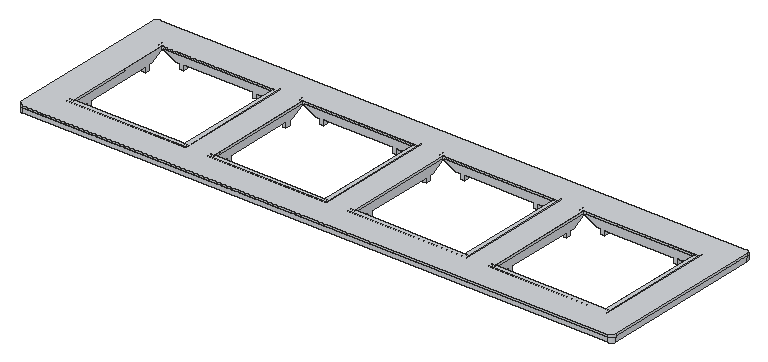
Revit family "Gira_0214235", category Electrical Fixtures, host Face, Revit 2017
Family settings
  Host = Face
  Maintain Annotation Orientation = No
  Round Connector Dimension = Use Diameter
  Part Type = Normal
  Cut with Voids When Loaded = No
  Shared = No
  Room Calculation Point = No
Parameters (values of type "Abdeckrahmen 4f flach Gira E2 Anthrazit")
  Werkstoffgüte = "Thermoplast"
  Werkstoff = "Kunststoff"
  URL = "http://katalog.gira.de/de_DE/datenblatt.html?artikelnr=0214235"
  Transparent = "No"
  Textfeld/Beschriftungsfläche = "No"
  Schutzart (IP) = "IP20"
  Region = "DE"
  Oberfläche = "sonstige"
  Name = "Abdeckrahmen 4f flach Gira E2 Anthrazit"
  Montagerichtung = "horizontal und vertikal"
  Mit Montagerahmen = "No"
  Mit Klappdeckel = "No"
  Manufacturer URL = "https://www.gira.de/"
  Keynote = "E2flach_Rahmen_4fach"
  HeinzeBIM = "https://bimportal.heinze.de/bim/abdeckrahmen-4f-flach-gira-e2-anthrazit/c823c9535e9be90bf92d48955c7852f098e1dccb"
  Halogenfrei = "Yes"
  HAN = "0214235"
  Geeignet für Unterputz-Installation = "Yes"
  Geeignet für Unterflurkanaldose = "No"
  Geeignet für Geräteeinbaukanal = "No"
  Geeignet für Einbauinstallation = "No"
  GTIN = "4010337021308"
  Farbe = "anthrazit"
  Default Elevation = 1219.2 mm
  Data sheet (1) = "https://katalog.gira.de/de_DE/download.html?artikelnr=0214235"
  Category = "Abdeckrahmen"
  Befestigungsart = "Klemmbefestigung"
  Available = "Yes"
  Anzahl der Einheiten vertikal = "4 "
  Anzahl der Einheiten horizontal = "4 "
  Anzahl der Einheiten = "4 "
Reference planes
  plane 1 "Center (Front/Back)": y = 0
  plane 2: z = 0
  plane 3 "Center (Left/Right)": x = 0
Forms (mm)
  Extrusion 1, solid, detail levels fine
    sketch origin (0, 0, 0) x (1, 0, 0) y (0, 1, 0)
      loop
        arc (-148.2, 43.9) -> (-149.968, 43.168) -> (-150.7, 41.4) r 2.5
        line (-150.7, 41.4) -> (-150.7, -41.4)
        arc (-150.7, -41.4) -> (-149.968, -43.168) -> (-148.2, -43.9) r 2.5
        line (-148.2, -43.9) -> (148.2, -43.9)
        arc (148.2, -43.9) -> (149.968, -43.168) -> (150.7, -41.4) r 2.5
        line (150.7, -41.4) -> (150.7, 41.4)
        arc (150.7, 41.4) -> (149.968, 43.168) -> (148.2, 43.9) r 2.5
        line (148.2, 43.9) -> (-148.2, 43.9)
      loop
        spline (-134.944, -27.245) -> (-134.936, -27.363) -> (-134.913, -27.478) -> (-134.875, -27.589) -> (-134.823, -27.695) -> (-134.758, -27.792) -> (-134.681, -27.881) -> (-134.592, -27.958) -> (-134.495, -28.023) -> (-134.389, -28.075) -> (-134.278, -28.113) -> (-134.163, -28.136) -> (-134.045, -28.144)
        line (-134.045, -28.144) -> (-79.555, -28.144)
        spline (-79.555, -28.144) -> (-79.437, -28.136) -> (-79.322, -28.113) -> (-79.211, -28.075) -> (-79.105, -28.023) -> (-79.008, -27.958) -> (-78.919, -27.881) -> (-78.842, -27.792) -> (-78.777, -27.695) -> (-78.725, -27.589) -> (-78.687, -27.478) -> (-78.664, -27.363) -> (-78.656, -27.245)
        line (-78.656, -27.245) -> (-78.656, 27.245)
        spline (-78.656, 27.245) -> (-78.664, 27.363) -> (-78.687, 27.478) -> (-78.725, 27.589) -> (-78.777, 27.695) -> (-78.842, 27.792) -> (-78.919, 27.881) -> (-79.008, 27.958) -> (-79.105, 28.023) -> (-79.211, 28.075) -> (-79.322, 28.113) -> (-79.437, 28.136) -> (-79.555, 28.144)
        line (-79.555, 28.144) -> (-134.045, 28.144)
        spline (-134.045, 28.144) -> (-134.163, 28.136) -> (-134.278, 28.113) -> (-134.389, 28.075) -> (-134.495, 28.023) -> (-134.592, 27.958) -> (-134.681, 27.881) -> (-134.758, 27.792) -> (-134.823, 27.695) -> (-134.875, 27.589) -> (-134.913, 27.478) -> (-134.936, 27.363) -> (-134.944, 27.245)
        line (-134.944, 27.245) -> (-134.944, -27.245)
      loop
        spline (134.045, -28.144) -> (134.163, -28.136) -> (134.278, -28.113) -> (134.389, -28.075) -> (134.495, -28.023) -> (134.592, -27.958) -> (134.681, -27.881) -> (134.758, -27.792) -> (134.823, -27.695) -> (134.875, -27.589) -> (134.913, -27.478) -> (134.936, -27.363) -> (134.944, -27.245)
        line (134.944, -27.245) -> (134.944, 27.245)
        spline (134.944, 27.245) -> (134.936, 27.363) -> (134.913, 27.478) -> (134.875, 27.589) -> (134.823, 27.695) -> (134.758, 27.792) -> (134.681, 27.881) -> (134.592, 27.958) -> (134.495, 28.023) -> (134.389, 28.075) -> (134.278, 28.113) -> (134.163, 28.136) -> (134.045, 28.144)
        line (134.045, 28.144) -> (79.555, 28.144)
        spline (79.555, 28.144) -> (79.437, 28.136) -> (79.322, 28.113) -> (79.211, 28.075) -> (79.105, 28.023) -> (79.008, 27.958) -> (78.919, 27.881) -> (78.842, 27.792) -> (78.777, 27.695) -> (78.725, 27.589) -> (78.687, 27.478) -> (78.664, 27.363) -> (78.656, 27.245)
        line (78.656, 27.245) -> (78.656, -27.245)
        spline (78.656, -27.245) -> (78.664, -27.363) -> (78.687, -27.478) -> (78.725, -27.589) -> (78.777, -27.695) -> (78.842, -27.792) -> (78.919, -27.881) -> (79.008, -27.958) -> (79.105, -28.023) -> (79.211, -28.075) -> (79.322, -28.113) -> (79.437, -28.136) -> (79.555, -28.144)
        line (79.555, -28.144) -> (134.045, -28.144)
      loop
        spline (-63.744, -27.245) -> (-63.736, -27.363) -> (-63.713, -27.478) -> (-63.675, -27.589) -> (-63.623, -27.695) -> (-63.558, -27.792) -> (-63.481, -27.881) -> (-63.392, -27.958) -> (-63.295, -28.023) -> (-63.189, -28.075) -> (-63.078, -28.113) -> (-62.963, -28.136) -> (-62.845, -28.144)
        line (-62.845, -28.144) -> (-8.355, -28.144)
        spline (-8.355, -28.144) -> (-8.237, -28.136) -> (-8.122, -28.113) -> (-8.011, -28.075) -> (-7.905, -28.023) -> (-7.808, -27.958) -> (-7.719, -27.881) -> (-7.642, -27.792) -> (-7.577, -27.695) -> (-7.525, -27.589) -> (-7.487, -27.478) -> (-7.464, -27.363) -> (-7.456, -27.245)
        line (-7.456, -27.245) -> (-7.456, 27.245)
        spline (-7.456, 27.245) -> (-7.464, 27.363) -> (-7.487, 27.478) -> (-7.525, 27.589) -> (-7.577, 27.695) -> (-7.642, 27.792) -> (-7.719, 27.881) -> (-7.808, 27.958) -> (-7.905, 28.023) -> (-8.011, 28.075) -> (-8.122, 28.113) -> (-8.237, 28.136) -> (-8.355, 28.144)
        line (-8.355, 28.144) -> (-62.845, 28.144)
        spline (-62.845, 28.144) -> (-62.963, 28.136) -> (-63.078, 28.113) -> (-63.189, 28.075) -> (-63.295, 28.023) -> (-63.392, 27.958) -> (-63.481, 27.881) -> (-63.558, 27.792) -> (-63.623, 27.695) -> (-63.675, 27.589) -> (-63.713, 27.478) -> (-63.736, 27.363) -> (-63.744, 27.245)
        line (-63.744, 27.245) -> (-63.744, -27.245)
      loop
        spline (7.456, -27.245) -> (7.464, -27.363) -> (7.487, -27.478) -> (7.525, -27.589) -> (7.577, -27.695) -> (7.642, -27.792) -> (7.719, -27.881) -> (7.808, -27.958) -> (7.905, -28.023) -> (8.011, -28.075) -> (8.122, -28.113) -> (8.237, -28.136) -> (8.355, -28.144)
        line (8.355, -28.144) -> (62.845, -28.144)
        spline (62.845, -28.144) -> (62.963, -28.136) -> (63.078, -28.113) -> (63.189, -28.075) -> (63.295, -28.023) -> (63.392, -27.958) -> (63.481, -27.881) -> (63.558, -27.792) -> (63.623, -27.695) -> (63.675, -27.589) -> (63.713, -27.478) -> (63.736, -27.363) -> (63.744, -27.245)
        line (63.744, -27.245) -> (63.744, 27.245)
        spline (63.744, 27.245) -> (63.736, 27.363) -> (63.713, 27.478) -> (63.675, 27.589) -> (63.623, 27.695) -> (63.558, 27.792) -> (63.481, 27.881) -> (63.392, 27.958) -> (63.295, 28.023) -> (63.189, 28.075) -> (63.078, 28.113) -> (62.963, 28.136) -> (62.845, 28.144)
        line (62.845, 28.144) -> (8.355, 28.144)
        spline (8.355, 28.144) -> (8.237, 28.136) -> (8.122, 28.113) -> (8.011, 28.075) -> (7.905, 28.023) -> (7.808, 27.958) -> (7.719, 27.881) -> (7.642, 27.792) -> (7.577, 27.695) -> (7.525, 27.589) -> (7.487, 27.478) -> (7.464, 27.363) -> (7.456, 27.245)
        line (7.456, 27.245) -> (7.456, -27.245)
    from 2.5 to 3.4
  Extrusion 2, solid, detail levels fine
    sketch origin (0, 0, 0) x (1, 0, 0) y (0, 1, 0)
      loop
        arc (-148.2, 43.9) -> (-149.968, 43.168) -> (-150.7, 41.4) r 2.5
        line (-150.7, 41.4) -> (-150.7, -41.4)
        arc (-150.7, -41.4) -> (-149.968, -43.168) -> (-148.2, -43.9) r 2.5
        line (-148.2, -43.9) -> (148.2, -43.9)
        arc (148.2, -43.9) -> (149.968, -43.168) -> (150.7, -41.4) r 2.5
        line (150.7, -41.4) -> (150.7, 41.4)
        arc (150.7, 41.4) -> (149.968, 43.168) -> (148.2, 43.9) r 2.5
        line (148.2, 43.9) -> (-148.2, 43.9)
      loop
        arc (-148.2, 43.4) -> (-149.614, 42.814) -> (-150.2, 41.4) r 2
        line (-150.2, 41.4) -> (-150.2, -41.4)
        arc (-150.2, -41.4) -> (-149.614, -42.814) -> (-148.2, -43.4) r 2
        line (-148.2, -43.4) -> (148.2, -43.4)
        arc (148.2, -43.4) -> (149.614, -42.814) -> (150.2, -41.4) r 2
        line (150.2, -41.4) -> (150.2, 41.4)
        arc (150.2, 41.4) -> (149.614, 42.814) -> (148.2, 43.4) r 2
        line (148.2, 43.4) -> (-148.2, 43.4)
    from 0 to 2.5
  Extrusion 3, solid, detail levels fine
    sketch origin (-106.8, 0, 0) x (1, 0, 0) y (0, 0, 1)
      loop
        line (-17.5, -4.06) -> (-17.5, -1.56) -> (17.5, -1.56) -> (17.5, -4.06) -> (19.5, -4.06) -> (19.5, -1.56) -> (21.654, -1.56) -> (27.214, 1.65) -> (30, 1.65) -> (30, 3.4) -> (-30, 3.4) -> (-30, 1.65) -> (-27.214, 1.65) -> (-21.654, -1.56) -> (-19.5, -1.56) -> (-19.5, -4.06) -> (-17.5, -4.06)
    from 28.144 to 30
  Extrusion 4, solid, detail levels fine
    sketch origin (-106.8, 0, 0) x (0, -1, 0) y (0, 0, -1)
      loop
        line (-17.5, 4.06) -> (-19.5, 4.06) -> (-19.5, 1.56) -> (-21.654, 1.56) -> (-27.214, -1.65) -> (-28.144, -1.65) -> (-28.144, -3.4) -> (28.144, -3.4) -> (28.144, -1.65) -> (27.214, -1.65) -> (21.654, 1.56) -> (19.5, 1.56) -> (19.5, 4.06) -> (17.5, 4.06) -> (17.5, 1.56) -> (-17.5, 1.56) -> (-17.5, 4.06)
    from 28.144 to 30
  Extrusion 5, solid, detail levels medium
    sketch origin (-106.8, 0, 0) x (0, -1, 0) y (0, 0, 1)
      loop
        line (-17.5, -4.06) -> (-17.5, -1.56) -> (17.5, -1.56) -> (17.5, -4.06) -> (19.5, -4.06) -> (19.5, -1.56) -> (28.144, -1.56) -> (28.144, 3.4) -> (-28.144, 3.4) -> (-28.144, -1.56) -> (-19.5, -1.56) -> (-19.5, -4.06) -> (-17.5, -4.06)
    from 28.144 to 30
  Extrusion 6, solid, detail levels fine
    sketch origin (-106.8, 0, 0) x (1, 0, 0) y (0, 0, -1)
      loop
        line (-17.5, 4.06) -> (-19.5, 4.06) -> (-19.5, 1.56) -> (-21.654, 1.56) -> (-27.214, -1.65) -> (-30, -1.65) -> (-30, -3.4) -> (30, -3.4) -> (30, -1.65) -> (27.214, -1.65) -> (21.654, 1.56) -> (19.5, 1.56) -> (19.5, 4.06) -> (17.5, 4.06) -> (17.5, 1.56) -> (-17.5, 1.56) -> (-17.5, 4.06)
    from 28.144 to 30
  Extrusion 7, solid, detail levels coarse
    sketch origin (0, 0, 0) x (1, 0, 0) y (0, 1, 0)
      loop
        line (-150.7, 43.9) -> (-150.7, -43.9) -> (150.7, -43.9) -> (150.7, 43.9) -> (-150.7, 43.9)
    from -4.06 to 3.4
  Extrusion 8, solid, detail levels medium
    sketch origin (0, 0, 0) x (1, 0, 0) y (0, 1, 0)
      loop
        line (-150.7, 43.9) -> (-150.7, -43.9) -> (150.7, -43.9) -> (150.7, 43.9) -> (-150.7, 43.9)
    from 0 to 3.4
  Extrusion 9, solid, detail levels medium
    sketch origin (-106.8, 0, 0) x (1, 0, 0) y (0, 0, 1)
      loop
        line (-17.5, -4.06) -> (-17.5, -1.56) -> (17.5, -1.56) -> (17.5, -4.06) -> (19.5, -4.06) -> (19.5, -1.56) -> (30, -1.56) -> (30, 3.4) -> (-30, 3.4) -> (-30, -1.56) -> (-19.5, -1.56) -> (-19.5, -4.06) -> (-17.5, -4.06)
    from 28.144 to 30
  Extrusion 10, solid, detail levels medium
    sketch origin (-106.8, 0, 0) x (1, 0, 0) y (0, 0, -1)
      loop
        line (-17.5, 4.06) -> (-19.5, 4.06) -> (-19.5, 1.56) -> (-30, 1.56) -> (-30, -3.4) -> (30, -3.4) -> (30, 1.56) -> (19.5, 1.56) -> (19.5, 4.06) -> (17.5, 4.06) -> (17.5, 1.56) -> (-17.5, 1.56) -> (-17.5, 4.06)
    from 28.144 to 30
  Extrusion 11, solid, detail levels medium
    sketch origin (-106.8, 0, 0) x (0, -1, 0) y (0, 0, -1)
      loop
        line (-17.5, 4.06) -> (-19.5, 4.06) -> (-19.5, 1.56) -> (-28.144, 1.56) -> (-28.144, -3.4) -> (28.144, -3.4) -> (28.144, 1.56) -> (19.5, 1.56) -> (19.5, 4.06) -> (17.5, 4.06) -> (17.5, 1.56) -> (-17.5, 1.56) -> (-17.5, 4.06)
    from 28.144 to 30
  Extrusion 12, solid, detail levels fine
    sketch origin (35.6, 0, 0) x (-1, 0, 0) y (0, 0, -1)
      loop
        line (-17.5, 4.06) -> (-19.5, 4.06) -> (-19.5, 1.56) -> (-21.654, 1.56) -> (-27.214, -1.65) -> (-30, -1.65) -> (-30, -3.4) -> (30, -3.4) -> (30, -1.65) -> (27.214, -1.65) -> (21.654, 1.56) -> (19.5, 1.56) -> (19.5, 4.06) -> (17.5, 4.06) -> (17.5, 1.56) -> (-17.5, 1.56) -> (-17.5, 4.06)
    from 28.144 to 30
  Extrusion 13, solid, detail levels fine
    sketch origin (35.6, 0, 0) x (0, -1, 0) y (0, 0, 1)
      loop
        line (-17.5, -4.06) -> (-17.5, -1.56) -> (17.5, -1.56) -> (17.5, -4.06) -> (19.5, -4.06) -> (19.5, -1.56) -> (21.654, -1.56) -> (27.214, 1.65) -> (28.144, 1.65) -> (28.144, 3.4) -> (-28.144, 3.4) -> (-28.144, 1.65) -> (-27.214, 1.65) -> (-21.654, -1.56) -> (-19.5, -1.56) -> (-19.5, -4.06) -> (-17.5, -4.06)
    from 28.144 to 30
  Extrusion 14, solid, detail levels medium
    sketch origin (35.6, 0, 0) x (0, -1, 0) y (0, 0, -1)
      loop
        line (-17.5, 4.06) -> (-19.5, 4.06) -> (-19.5, 1.56) -> (-28.144, 1.56) -> (-28.144, -3.4) -> (28.144, -3.4) -> (28.144, 1.56) -> (19.5, 1.56) -> (19.5, 4.06) -> (17.5, 4.06) -> (17.5, 1.56) -> (-17.5, 1.56) -> (-17.5, 4.06)
    from 28.144 to 30
  Extrusion 15, solid, detail levels fine
    sketch origin (35.6, 0, 0) x (-1, 0, 0) y (0, 0, 1)
      loop
        line (-17.5, -4.06) -> (-17.5, -1.56) -> (17.5, -1.56) -> (17.5, -4.06) -> (19.5, -4.06) -> (19.5, -1.56) -> (21.654, -1.56) -> (27.214, 1.65) -> (30, 1.65) -> (30, 3.4) -> (-30, 3.4) -> (-30, 1.65) -> (-27.214, 1.65) -> (-21.654, -1.56) -> (-19.5, -1.56) -> (-19.5, -4.06) -> (-17.5, -4.06)
    from 28.144 to 30
  Extrusion 16, solid, detail levels medium
    sketch origin (35.6, 0, 0) x (-1, 0, 0) y (0, 0, -1)
      loop
        line (-17.5, 4.06) -> (-19.5, 4.06) -> (-19.5, 1.56) -> (-30, 1.56) -> (-30, -3.4) -> (30, -3.4) -> (30, 1.56) -> (19.5, 1.56) -> (19.5, 4.06) -> (17.5, 4.06) -> (17.5, 1.56) -> (-17.5, 1.56) -> (-17.5, 4.06)
    from 28.144 to 30
  Extrusion 17, solid, detail levels medium
    sketch origin (35.6, 0, 0) x (-1, 0, 0) y (0, 0, 1)
      loop
        line (-17.5, -4.06) -> (-17.5, -1.56) -> (17.5, -1.56) -> (17.5, -4.06) -> (19.5, -4.06) -> (19.5, -1.56) -> (30, -1.56) -> (30, 3.4) -> (-30, 3.4) -> (-30, -1.56) -> (-19.5, -1.56) -> (-19.5, -4.06) -> (-17.5, -4.06)
    from 28.144 to 30
  Extrusion 18, solid, detail levels medium
    sketch origin (35.6, 0, 0) x (0, -1, 0) y (0, 0, 1)
      loop
        line (-17.5, -4.06) -> (-17.5, -1.56) -> (17.5, -1.56) -> (17.5, -4.06) -> (19.5, -4.06) -> (19.5, -1.56) -> (28.144, -1.56) -> (28.144, 3.4) -> (-28.144, 3.4) -> (-28.144, -1.56) -> (-19.5, -1.56) -> (-19.5, -4.06) -> (-17.5, -4.06)
    from 28.144 to 30
  Extrusion 19, solid, detail levels fine
    sketch origin (-164.944, 0, 0) x (0, -1, 0) y (0, 0, -1)
      loop
        line (-17.5, 4.06) -> (-19.5, 4.06) -> (-19.5, 1.56) -> (-21.654, 1.56) -> (-27.214, -1.65) -> (-28.144, -1.65) -> (-28.144, -3.4) -> (28.144, -3.4) -> (28.144, -1.65) -> (27.214, -1.65) -> (21.654, 1.56) -> (19.5, 1.56) -> (19.5, 4.06) -> (17.5, 4.06) -> (17.5, 1.56) -> (-17.5, 1.56) -> (-17.5, 4.06)
    from 28.144 to 30
  Extrusion 20, solid, detail levels fine
    sketch origin (93.744, 0, 0) x (0, -1, 0) y (0, 0, 1)
      loop
        line (-17.5, -4.06) -> (-17.5, -1.56) -> (17.5, -1.56) -> (17.5, -4.06) -> (19.5, -4.06) -> (19.5, -1.56) -> (21.654, -1.56) -> (27.214, 1.65) -> (28.144, 1.65) -> (28.144, 3.4) -> (-28.144, 3.4) -> (-28.144, 1.65) -> (-27.214, 1.65) -> (-21.654, -1.56) -> (-19.5, -1.56) -> (-19.5, -4.06) -> (-17.5, -4.06)
    from 28.144 to 30
  Extrusion 21, solid, detail levels fine
    sketch origin (-35.6, 0, 0) x (-1, 0, 0) y (0, 0, -1)
      loop
        line (-17.5, 4.06) -> (-19.5, 4.06) -> (-19.5, 1.56) -> (-21.654, 1.56) -> (-27.214, -1.65) -> (-30, -1.65) -> (-30, -3.4) -> (30, -3.4) -> (30, -1.65) -> (27.214, -1.65) -> (21.654, 1.56) -> (19.5, 1.56) -> (19.5, 4.06) -> (17.5, 4.06) -> (17.5, 1.56) -> (-17.5, 1.56) -> (-17.5, 4.06)
    from 28.144 to 30
  Extrusion 22, solid, detail levels fine
    sketch origin (-35.6, 0, 0) x (0, -1, 0) y (0, 0, 1)
      loop
        line (-17.5, -4.06) -> (-17.5, -1.56) -> (17.5, -1.56) -> (17.5, -4.06) -> (19.5, -4.06) -> (19.5, -1.56) -> (21.654, -1.56) -> (27.214, 1.65) -> (28.144, 1.65) -> (28.144, 3.4) -> (-28.144, 3.4) -> (-28.144, 1.65) -> (-27.214, 1.65) -> (-21.654, -1.56) -> (-19.5, -1.56) -> (-19.5, -4.06) -> (-17.5, -4.06)
    from 28.144 to 30
  Extrusion 23, solid, detail levels medium
    sketch origin (-35.6, 0, 0) x (0, -1, 0) y (0, 0, -1)
      loop
        line (-17.5, 4.06) -> (-19.5, 4.06) -> (-19.5, 1.56) -> (-28.144, 1.56) -> (-28.144, -3.4) -> (28.144, -3.4) -> (28.144, 1.56) -> (19.5, 1.56) -> (19.5, 4.06) -> (17.5, 4.06) -> (17.5, 1.56) -> (-17.5, 1.56) -> (-17.5, 4.06)
    from 28.144 to 30
  Extrusion 24, solid, detail levels fine
    sketch origin (-35.6, 0, 0) x (-1, 0, 0) y (0, 0, 1)
      loop
        line (-17.5, -4.06) -> (-17.5, -1.56) -> (17.5, -1.56) -> (17.5, -4.06) -> (19.5, -4.06) -> (19.5, -1.56) -> (21.654, -1.56) -> (27.214, 1.65) -> (30, 1.65) -> (30, 3.4) -> (-30, 3.4) -> (-30, 1.65) -> (-27.214, 1.65) -> (-21.654, -1.56) -> (-19.5, -1.56) -> (-19.5, -4.06) -> (-17.5, -4.06)
    from 28.144 to 30
  Extrusion 25, solid, detail levels medium
    sketch origin (-35.6, 0, 0) x (-1, 0, 0) y (0, 0, -1)
      loop
        line (-17.5, 4.06) -> (-19.5, 4.06) -> (-19.5, 1.56) -> (-30, 1.56) -> (-30, -3.4) -> (30, -3.4) -> (30, 1.56) -> (19.5, 1.56) -> (19.5, 4.06) -> (17.5, 4.06) -> (17.5, 1.56) -> (-17.5, 1.56) -> (-17.5, 4.06)
    from 28.144 to 30
  Extrusion 26, solid, detail levels medium
    sketch origin (-35.6, 0, 0) x (-1, 0, 0) y (0, 0, 1)
      loop
        line (-17.5, -4.06) -> (-17.5, -1.56) -> (17.5, -1.56) -> (17.5, -4.06) -> (19.5, -4.06) -> (19.5, -1.56) -> (30, -1.56) -> (30, 3.4) -> (-30, 3.4) -> (-30, -1.56) -> (-19.5, -1.56) -> (-19.5, -4.06) -> (-17.5, -4.06)
    from 28.144 to 30
  Extrusion 27, solid, detail levels medium
    sketch origin (-35.6, 0, 0) x (0, -1, 0) y (0, 0, 1)
      loop
        line (-17.5, -4.06) -> (-17.5, -1.56) -> (17.5, -1.56) -> (17.5, -4.06) -> (19.5, -4.06) -> (19.5, -1.56) -> (28.144, -1.56) -> (28.144, 3.4) -> (-28.144, 3.4) -> (-28.144, -1.56) -> (-19.5, -1.56) -> (-19.5, -4.06) -> (-17.5, -4.06)
    from 28.144 to 30
  Extrusion 28, solid, detail levels fine
    sketch origin (22.544, 0, 0) x (0, -1, 0) y (0, 0, 1)
      loop
        line (-17.5, -4.06) -> (-17.5, -1.56) -> (17.5, -1.56) -> (17.5, -4.06) -> (19.5, -4.06) -> (19.5, -1.56) -> (21.654, -1.56) -> (27.214, 1.65) -> (28.144, 1.65) -> (28.144, 3.4) -> (-28.144, 3.4) -> (-28.144, 1.65) -> (-27.214, 1.65) -> (-21.654, -1.56) -> (-19.5, -1.56) -> (-19.5, -4.06) -> (-17.5, -4.06)
    from 28.144 to 30
  Extrusion 29, solid, detail levels fine
    sketch origin (106.8, 0, 0) x (-1, 0, 0) y (0, 0, -1)
      loop
        line (-17.5, 4.06) -> (-19.5, 4.06) -> (-19.5, 1.56) -> (-21.654, 1.56) -> (-27.214, -1.65) -> (-30, -1.65) -> (-30, -3.4) -> (30, -3.4) -> (30, -1.65) -> (27.214, -1.65) -> (21.654, 1.56) -> (19.5, 1.56) -> (19.5, 4.06) -> (17.5, 4.06) -> (17.5, 1.56) -> (-17.5, 1.56) -> (-17.5, 4.06)
    from 28.144 to 30
  Extrusion 30, solid, detail levels fine
    sketch origin (106.8, 0, 0) x (0, -1, 0) y (0, 0, 1)
      loop
        line (-17.5, -4.06) -> (-17.5, -1.56) -> (17.5, -1.56) -> (17.5, -4.06) -> (19.5, -4.06) -> (19.5, -1.56) -> (21.654, -1.56) -> (27.214, 1.65) -> (28.144, 1.65) -> (28.144, 3.4) -> (-28.144, 3.4) -> (-28.144, 1.65) -> (-27.214, 1.65) -> (-21.654, -1.56) -> (-19.5, -1.56) -> (-19.5, -4.06) -> (-17.5, -4.06)
    from 28.144 to 30
  Extrusion 31, solid, detail levels medium
    sketch origin (106.8, 0, 0) x (0, -1, 0) y (0, 0, -1)
      loop
        line (-17.5, 4.06) -> (-19.5, 4.06) -> (-19.5, 1.56) -> (-28.144, 1.56) -> (-28.144, -3.4) -> (28.144, -3.4) -> (28.144, 1.56) -> (19.5, 1.56) -> (19.5, 4.06) -> (17.5, 4.06) -> (17.5, 1.56) -> (-17.5, 1.56) -> (-17.5, 4.06)
    from 28.144 to 30
  Extrusion 32, solid, detail levels fine
    sketch origin (106.8, 0, 0) x (-1, 0, 0) y (0, 0, 1)
      loop
        line (-17.5, -4.06) -> (-17.5, -1.56) -> (17.5, -1.56) -> (17.5, -4.06) -> (19.5, -4.06) -> (19.5, -1.56) -> (21.654, -1.56) -> (27.214, 1.65) -> (30, 1.65) -> (30, 3.4) -> (-30, 3.4) -> (-30, 1.65) -> (-27.214, 1.65) -> (-21.654, -1.56) -> (-19.5, -1.56) -> (-19.5, -4.06) -> (-17.5, -4.06)
    from 28.144 to 30
  Extrusion 33, solid, detail levels medium
    sketch origin (106.8, 0, 0) x (-1, 0, 0) y (0, 0, -1)
      loop
        line (-17.5, 4.06) -> (-19.5, 4.06) -> (-19.5, 1.56) -> (-30, 1.56) -> (-30, -3.4) -> (30, -3.4) -> (30, 1.56) -> (19.5, 1.56) -> (19.5, 4.06) -> (17.5, 4.06) -> (17.5, 1.56) -> (-17.5, 1.56) -> (-17.5, 4.06)
    from 28.144 to 30
  Extrusion 34, solid, detail levels medium
    sketch origin (106.8, 0, 0) x (-1, 0, 0) y (0, 0, 1)
      loop
        line (-17.5, -4.06) -> (-17.5, -1.56) -> (17.5, -1.56) -> (17.5, -4.06) -> (19.5, -4.06) -> (19.5, -1.56) -> (30, -1.56) -> (30, 3.4) -> (-30, 3.4) -> (-30, -1.56) -> (-19.5, -1.56) -> (-19.5, -4.06) -> (-17.5, -4.06)
    from 28.144 to 30
  Extrusion 35, solid, detail levels medium
    sketch origin (106.8, 0, 0) x (0, -1, 0) y (0, 0, 1)
      loop
        line (-17.5, -4.06) -> (-17.5, -1.56) -> (17.5, -1.56) -> (17.5, -4.06) -> (19.5, -4.06) -> (19.5, -1.56) -> (28.144, -1.56) -> (28.144, 3.4) -> (-28.144, 3.4) -> (-28.144, -1.56) -> (-19.5, -1.56) -> (-19.5, -4.06) -> (-17.5, -4.06)
    from 28.144 to 30
  Extrusion 36, solid, detail levels fine
    sketch origin (164.944, 0, 0) x (0, -1, 0) y (0, 0, 1)
      loop
        line (-17.5, -4.06) -> (-17.5, -1.56) -> (17.5, -1.56) -> (17.5, -4.06) -> (19.5, -4.06) -> (19.5, -1.56) -> (21.654, -1.56) -> (27.214, 1.65) -> (28.144, 1.65) -> (28.144, 3.4) -> (-28.144, 3.4) -> (-28.144, 1.65) -> (-27.214, 1.65) -> (-21.654, -1.56) -> (-19.5, -1.56) -> (-19.5, -4.06) -> (-17.5, -4.06)
    from 28.144 to 30
Dimensions and locks
  aligned and locked: plane 2 to host face
  aligned and locked: level to host face
